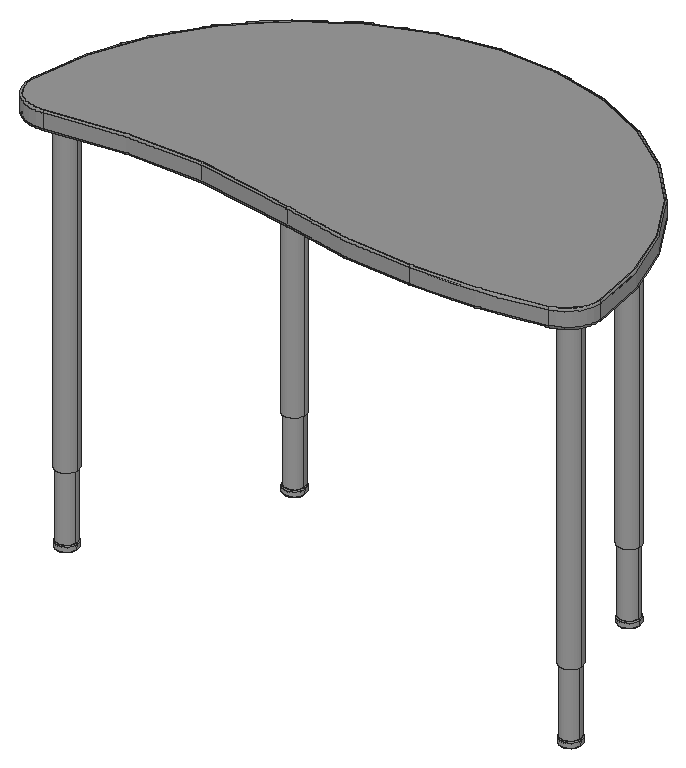
Revit family "Creator Half Round Desk", category Generic Models, Revit 2018
Family settings
  Can host rebar = No
  Round Connector Dimension = Use Diameter
  Part Type = Normal
  Work Plane-Based = No
  Always vertical = Yes
  Cut with Voids When Loaded = No
  Shared = No
  Room Calculation Point = No
Parameters
  Surface = Creator Half Round ADA Desk Surface
  Leg Finish = Shapes Leg Platinum
  Edgeband = Creator Half Round ADA Desk Edgeband
  Desk Height = 2' - 3"
  Caster / Glide = Shapes Leg - Glide : Shapes Leg - Glide
Reference planes (in)
  plane 1 "Center (Front/Back)": y = 0
  plane 2: z = 0
  plane 3 "Center (Left/Right)": x = 0
  plane 4: z = 27
Dimensions and locks (in)
  "Desk Height": plane 4 to level
  aligned and locked: plane 2 to level
  aligned and locked: nested 1 to plane 4
Nested families (in)
  nested 1: "Creator Half Round Desk Tabletop" at (0, 0, 13.97788), type "Creator Half Round Desk Tabletop"
  nested 2: "Shapes Leg - Glide" at (-11.40046, 4.77928, 0), Shapes Leg Finish <- "Leg Finish", Leg Height <- "Desk Height", type "Shapes Leg - Glide"
    with Shapes Leg Finish Shapes Leg Platinum, Leg Height 2' - 3"
  nested 3: "Shapes Leg - Glide" at (-17.21096, -7.68219, 0), Shapes Leg Finish <- "Leg Finish", Leg Height <- "Desk Height", type "Shapes Leg - Glide"
    with Shapes Leg Finish Shapes Leg Platinum, Leg Height 2' - 3"
  nested 4: "Shapes Leg - Glide" at (17.60197, -7.54787, 0), Shapes Leg Finish <- "Leg Finish", Leg Height <- "Desk Height", type <- "Caster / Glide", type "Shapes Leg - Glide"
    with Shapes Leg Finish Shapes Leg Platinum, Leg Height 2' - 3"
  nested 5: "Shapes Leg - Glide" at (11.79405, 4.77454, 0), Shapes Leg Finish <- "Leg Finish", Leg Height <- "Desk Height", type <- "Caster / Glide", type "Shapes Leg - Glide"
    with Shapes Leg Finish Shapes Leg Platinum, Leg Height 2' - 3"
Definition of nested family "Creator Half Round Desk Tabletop"
  Parameters (values of type "Creator Half Round Desk Tabletop")
    Surface = none
    Edgeband = none
  Reference planes (in)
    plane 1 "Center (Front/Back)": y = 0
    plane 2: z = 0
    plane 3 "Center (Left/Right)": x = 0
  Forms (in)
    Extrusion 1, solid, material <- "Surface"
      sketch origin (0, 0, 0) x (1, 0, 0) y (0, 1, 0)
        loop
          arc (-19.57413, -7.65024) -> (-18.80351, -9.49608) -> (-16.86476, -9.98822) r 2.23765
          arc (-16.86476, -9.98822) -> (-11.76539, -9.22549) -> (-6.60994, -9.14352) r 38.92075
          arc (-6.60994, -9.14352) -> (-3.24637, -9.45509) -> (0.07923, -10.04763) r 40.24571
          arc (0.07923, -10.04763) -> (4.65313, -10.78485) -> (9.28181, -10.98311) r 39.62035
          arc (9.28181, -10.98311) -> (13.6669, -10.66965) -> (17.9875, -9.85745) r 38.43282
          arc (17.9875, -9.85745) -> (19.19987, -9.07862) -> (19.68561, -7.72198) r 2.23664
          arc (19.68561, -7.72198) -> (0.08931, 10.68852) -> (-19.57413, -7.65024) r 19.67278
      from 13.02212 to 14.27206
    Sweep 2, solid, material <- "Edgeband"
      path origin (0, 0, 0) x (1, 0, 0) y (0, 1, 0)
        loop
          arc (19.68561, -7.72198) -> (0.08931, 10.68852) -> (-19.57413, -7.65024) r 19.67278
          arc (-19.57413, -7.65024) -> (-18.80351, -9.49608) -> (-16.86476, -9.98822) r 2.23765
          arc (-16.86476, -9.98822) -> (-11.76539, -9.22549) -> (-6.60994, -9.14352) r 38.92075
          arc (-6.60994, -9.14352) -> (-3.24637, -9.45509) -> (0.07923, -10.04763) r 40.24571
          arc (0.07923, -10.04763) -> (4.65313, -10.78485) -> (9.28181, -10.98311) r 39.62035
          arc (9.28181, -10.98311) -> (13.6669, -10.66965) -> (17.9875, -9.85745) r 38.43282
          arc (17.9875, -9.85745) -> (19.19987, -9.07862) -> (19.68561, -7.72198) r 2.23664
      profile origin (0.08931, 10.68852, 0) x (-0.001827, -0.999998, 0) y (0, 0, 1)
        loop
          line (0, 13.02218) -> (0, 14.27206)
          arc (0, 14.27206) -> (-0.08841, 14.23311) -> (-0.12472, 14.14358) r 0.12854
          line (-0.12472, 14.14358) -> (-0.12472, 13.15066)
          arc (-0.12472, 13.15066) -> (-0.08841, 13.06113) -> (0, 13.02218) r 0.12854
  Dimensions and locks (in)
    aligned and locked: plane 2 to level
Definition of nested family "Shapes Leg - Glide"
  Parameters (values of type "Shapes Leg - Glide")
    Shapes Leg Finish [instance] = none
    Leg Height [instance] = 2' - 4 1/2"
  Reference planes (in)
    plane 1 "Center (Front/Back)": y = 0
    plane 2: z = 0
    plane 3 "Center (Left/Right)": x = 0
  Forms (in)
    Extrusion 1, solid
      sketch origin (-0.01562, 0, 0) x (1, 0, 0) y (0, 1, 0)
        loop
          circle (0.01563, 0) r 0.64906
      from 0.50586 to 20.17439
  Dimensions and locks (in)
    "Leg Height": nested 2 to level
    aligned and locked: plane 2 to level
  Automatic sketch dimensions
    plane 1 "Center (Front/Back)" to Extrusion 1 sketch curve = 0' - 0"
    Extrusion 1 sketch curve to plane 3 "Center (Left/Right)" = 0' - 0"
    radius of Extrusion 1 sketch curve = 0' - 0.64906"
  Nested families (in)
    nested 1: "Glider" at (0, 0, 0), type "Glider"
    nested 2: "Shapes Upper Leg" at (0, 0, 0), Shapes Leg Finish <- "Shapes Leg Finish", type "Shapes Upper Leg"
      with Shapes Leg Finish none
  Definition of nested family "Glider"
    Reference planes (in)
      plane 1 "Center (Front/Back)": y = 0
      plane 2: z = 0
      plane 3 "Center (Left/Right)": x = 0
    Forms (in)
      Revolve 1, solid
        sketch origin (0, 0, 0) x (1, 0, 0) y (0, 0, 1)
          loop
            line (0.26614, 0.50586) -> (0, 0.50586) -> (0, 0.09994) -> (0.71656, 0.09994) -> (0.71656, 0.37634)
            arc (0.71656, 0.37634) -> (0.70181, 0.41548) -> (0.66511, 0.43552) r 0.06011
            arc (0.66511, 0.43552) -> (0.46609, 0.45951) -> (0.26614, 0.47365) r 4.06535
            line (0.26614, 0.47365) -> (0.26614, 0.50586)
          axis (0, 0.50586) -> (0, 0.09994)
        angle from 0 to 360
      Revolve 2, solid
        sketch origin (0, 0, 0) x (1, 0, 0) y (0, 0, 1)
          loop
            line (0.65534, 0.1212) -> (0, 0.1212) -> (0, 0) -> (0.57593, 0)
            arc (0.57593, 0) -> (0.63208, 0.02326) -> (0.65534, 0.07941) r 0.07941
            line (0.65534, 0.07941) -> (0.65534, 0.1212)
          axis (0, 0.1212) -> (0, 0)
        angle from 0 to 360
    Dimensions and locks (in)
      aligned and locked: plane 2 to level
  Definition of nested family "Shapes Upper Leg"
    Parameters (values of type "Shapes Upper Leg")
      Shapes Leg Finish [instance] = none
    Reference planes (in)
      plane 1 "Center (Front/Back)": y = 0
      plane 2: z = 0
      plane 3 "Center (Left/Right)": x = 0
    Forms (in)
      Extrusion 1, solid, material <- "Shapes Leg Finish"
        sketch origin (0, 0, 0) x (1, 0, 0) y (0, 1, 0)
          loop
            circle (0, 0) r 0.75
        from 6.5 to 28.5
    Dimensions and locks (in)
      aligned and locked: plane 2 to level
